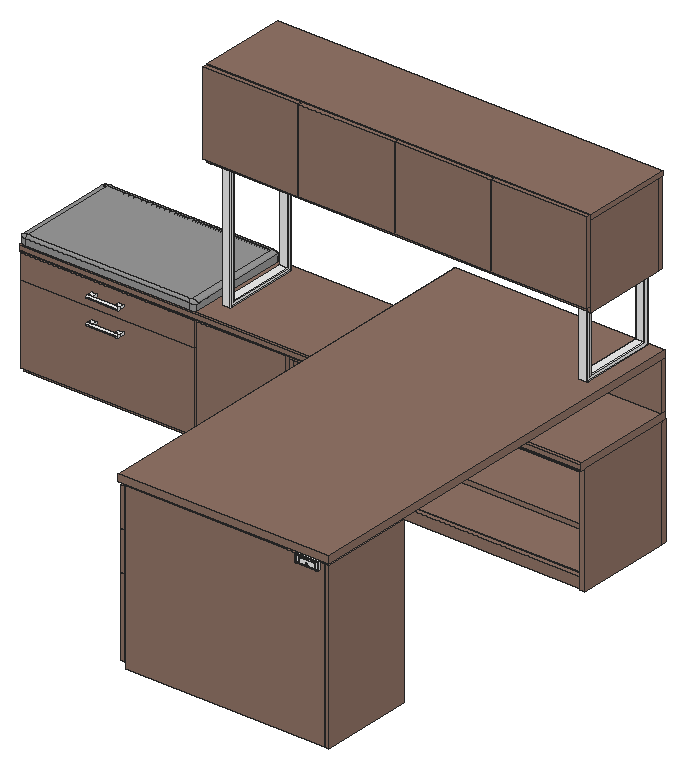
Revit family "VV010family", category Furniture, Revit 2015
Parameters
  Series = "Vision Veneer"
  Manufacturer = "JSI"
  Description = "VV010"
Reference planes (in)
  plane 1 "Center Front/Back": y = 0
  plane 2: z = 0
  plane 3 "Center Left/Right": x = 0
Dimensions and locks (in)
  aligned and locked: level to plane 2
Nested families (in)
  nested 1: "JSI-Vision-Rectangle_Desk_Top" at (0.2846688, 0, -1.7178952) x (0, -1, 0) z (0, 0, 1), type "VV3672MCT, Laminate Rectangular Desk Top, 36" x 72""
    with Depth 3' - 0"
  nested 2: "JSI-Vision_Bench_Height_T_Sup" at (0.7046334, -10.75, 19.9502726), type "VVB1036TSP, Veneer 36  Bench Height T Supports"
    with Width 2' - 11 5/8"
  nested 3: "JSI-Vision-Modular_BBF_Pedestal" at (0.5, -55.8238278, 0) x (0, -1, 0) z (0, 0, 1), type "VV1636MBBF, Veneer Modular BBF Ped"
    with Ped Depth 3' - 0"
  nested 4: "JSI-Vision-Bench_H_Modular_Top" at (-95.7006103, 0, -0.7372274), type "VVB1896MT, Veneer Mod Bench H Top, 18" x 96""
    with Width 8' - 0", Depth 1' - 6"
  nested 5: "JSI-Vision-Sld_Door_Modular_Bench_Ped" at (-65.6912511, 0, 0), type "VVB1830MSD, Veneer Sld Door Modular Bench H Ped"
  nested 6: "JSI-Vision-Open_Shelf_Modular_Bench_Ped" at (-35.6668034, 0, 0), type "VVB1836MOS, Veneer OS Modular Bench H Ped"
    with Width 3' - 0"
  nested 7: "JSI-Vision-BF_Modular_Bench_Ped" at (-95.7006103, 0, 0), type "VVB1830MBF, Veneer BF Modular Bench H Ped"
    with Width 2' - 6"
  nested 8: "JSI-Vision-Bench_H_Cushion" at (-95.7006103, 0, 0.525012), type "VS1830CUSH, 18d Bench H Cushion, 30 W"
    with Width 2' - 6", Depth 1' - 6"
  nested 9: "JSI-Vision-OH_Cab-Split_H_Post" at (0, 0, -10.0202438) x (-1, 0, 0) z (0, 0, 1), type "VV1666PSHD-2737, Veneer Split Height Post Support Overhead Cab. 16" x 66", 4 Doors"
    with Width 5' - 6", Verticall Partition Distance 2' - 9", Unit Centre 2' - 9", Door Width 1' - 4 5/16", Door Array Spacing 1' - 4 7/16"
Definition of nested family "JSI-Vision-Rectangle_Desk_Top"
  Parameters (values of type "VL3072MCT, Laminate Rectangular Desk Top, 30" x 72"")
    Worksurface = none
    Width = 6' - 0"
    URL = "www.jsifurniture.com"
    Type Comments = ""
    Series = "VISION CASEGOODS"  # constant formula
    Model = "VL3072MCT"
    Material = ""
    Manufacturer = "JSI"  # constant formula
    Keynote = "12500"
    JSI Enviromental Website = "http://www.jsifurniture.com/jsi_sustainability_intro.php"
    Height = 2' - 6"
    Description = "Laminate Modular Rectangular Desk Top, 30\" x 72\""
    Depth = 2' - 6"
    Assembly Code = "E2020200"
  Reference planes (in)
    plane 1 "Center Front/Back": y = 0
    plane 2: z = 0
    plane 3 "Center Left/Right": x = 0
    plane 4: z = 0
    plane 5: x = 72
    plane 6: y = -30
    plane 7: z = 31.1875
    plane 8: z = 30
  Forms (in)
    Extrusion 1, solid, material <- "Worksurface"
      sketch origin (0, 0, 28) x (0, 1, 0) y (0, 0, 1)
        loop
          line (-29.8818899, 2) -> (0, 2) -> (0, 3.1875) -> (-29.8818897, 3.1875)
          arc (-29.8818897, 3.1875) -> (-29.9654063, 3.1529063) -> (-30, 3.0693897) r 0.1181103
          line (-30, 3.0693897) -> (-30, 2.1181101)
          arc (-30, 2.1181101) -> (-29.9654064, 2.0345936) -> (-29.8818899, 2) r 0.1181101
      from 0 to 72
  Lines and regions (in)
    symbolic lines
      curve 1: line (0, 0, 0) -> (72, 0, 0)
      curve 2: line (0, -30, 0) -> (0, 0, 0)
      curve 3: line (72, -30, 0) -> (0, -30, 0)
      curve 4: line (72, 0, 0) -> (72, -30, 0)
  Dimensions and locks (in)
    "Depth": plane 6 to plane 1 "Center Front/Back"
    "Width": plane 5 to plane 3 "Center Left/Right"
    locked: plane 7 to plane 8 at 1.1875
    "Height": plane 8 to level
    aligned and locked: level to plane 2
    aligned and locked: plane 5 to Extrusion 1
    aligned and locked: curve 1 to Extrusion 1
    aligned and locked: curve 2 to Extrusion 1
    aligned and locked: curve 3 to plane 6
    aligned and locked: curve 4 to plane 5
    aligned and locked: Extrusion 1 to plane 8
    aligned and locked: Extrusion 1 to plane 7
  Automatic sketch dimensions
    Extrusion 1 sketch curve to plane 6 = 0' - 0"
    level to Extrusion 1 sketch curve = 2' - 6"
    Extrusion 1 sketch curve to plane 7 = 0' - 0"
    Extrusion 1 sketch curve to plane 1 "Center Front/Back" = 0' - 0"
    Extrusion 1 sketch curve to Extrusion 1 sketch curve = 0' - 0.11811"
    plane 6 to Extrusion 1 sketch curve = 0' - 0.11811"
Definition of nested family "JSI-Vision_Bench_Height_T_Sup"
  Parameters (values of type "Bench Height T Support - Type Catalog Family")
    Chassis = none
    Width = 1' - 11 5/8"
    URL = "www.jsifurniture.com"
    Type Comments = ""
    Series = "VISION CASEGOODS"  # constant formula
    Model = "VLB1024TSP"
    Material = ""
    Manufacturer = "JSI"  # constant formula
    Keynote = "12500"
    JSI Enviromental Website = "http://www.jsifurniture.com/jsi_sustainability_intro.php"
    Height = 0' - 8 5/16"
    Grommet Finish = none
    Description = "Bench Height \"T\" Supports, Depth 9 3/4\"”, Width 23 5/8\"”,Height 8 5/16\"”, Laminate Worksurface"
    Depth = 0' - 9 3/4"
    Assembly Code = "E2020200"
  Reference planes (in)
    plane 1: z = 0
    plane 2 "Center (Left/Right)": x = -36.0641344
    plane 3: z = 8.3125
    plane 4: y = 1
    plane 5 "Center (Front/Back)": y = 10.75
    plane 6: x = -24.2516344
    plane 7: x = -12.4391344
    plane 8: z = 6.9211195
    plane 9: y = 10
    plane 10: y = 8
    plane 11: z = 6.875
    plane 12: x = -23.8766344
    plane 13: x = -24.6266344
  Forms (in)
    Extrusion 1, solid, material <- "Chassis"
      sketch origin (0, 10.75, 0) x (1, 0, 0) y (0, 0, 1)
        loop
          line (-36.0641344, 8.3125) -> (-36.0641344, 0) -> (-12.4391344, 0) -> (-12.4391344, 8.3125) -> (-22.2719669, 8.3125) -> (-22.2719669, 7.1711195)
          arc (-22.2719669, 7.1711195) -> (-22.3451902, 6.9943428) -> (-22.5219669, 6.9211195) r 0.25
          line (-22.5219669, 6.9211195) -> (-25.981302, 6.9211195)
          arc (-25.981302, 6.9211195) -> (-26.1580787, 6.9943428) -> (-26.231302, 7.1711195) r 0.25
          line (-26.231302, 7.1711195) -> (-26.231302, 8.3125) -> (-36.0641344, 8.3125)
      from 0 to 0.75
    Extrusion 2, solid, material <- "Chassis"
      sketch origin (-36.0641344, 0, 0) x (0, 1, 0) y (0, 0, 1)
        loop
          line (10, 6.875) -> (8.25, 6.875)
          arc (8.25, 6.875) -> (8.0732233, 6.9482233) -> (8, 7.125) r 0.25
          line (8, 7.125) -> (8, 8.3125) -> (1, 8.3125) -> (1, 0) -> (10, 0) -> (10, 6.875)
      from 11.4375 to 12.1875
  Lines and regions (in)
    symbolic lines
      curve 1: line (-12.4391344, 10.75, 0) -> (-36.0641344, 10.75, 0)
      curve 2: line (-36.0641344, 10.75, 0) -> (-36.0641344, 10, 0)
      curve 3: line (-36.0641344, 10, 0) -> (-12.4391344, 10, 0)
      curve 4: line (-12.4391344, 10, 0) -> (-12.4391344, 10.75, 0)
      curve 5: line (-24.6266344, 10, 0) -> (-24.6266344, 1, 0)
      curve 6: line (-23.8766344, 1, 0) -> (-23.8766344, 10, 0)
      curve 7: line (-24.6266344, 1, 0) -> (-23.8766344, 1, 0)
  Dimensions and locks (in)
    "Height": plane 3 to level
    "Depth": plane 5 "Center (Front/Back)" to plane 4
    equal spacing: plane 2 "Center (Left/Right)", plane 6, plane 7
    "Width": plane 2 "Center (Left/Right)" to plane 7
    locked: plane 3 to plane 8 at 1.3913805
    locked: plane 5 "Center (Front/Back)" to plane 9 at 0.75
    locked: plane 3 to plane 11 at 1.4375
    locked: plane 5 "Center (Front/Back)" to plane 10 at 2.75
    plane 12 to plane 6 to plane 13 = 0' - 0 3/8" locked, 0' - 0 3/8" locked
    Extrusion 1 sketch curve to plane 6 to Extrusion 1 sketch curve = 0' - 1.97967" locked, 0' - 1.97967" locked
    locked: nested 1 to plane 6 at 1.8900002
    aligned and locked: level to plane 1
    aligned and locked: plane 8 to Extrusion 1 sketch curve
    aligned and locked: plane 3 to Extrusion 1 sketch curve
    aligned and locked: Extrusion 1 sketch curve to plane 3
    aligned and locked: Extrusion 1 sketch curve to plane 2 "Center (Left/Right)"
    aligned and locked: Extrusion 1 sketch curve to plane 7
    aligned and locked: Extrusion 1 sketch curve to level
    aligned and locked: Extrusion 1 to plane 9
    aligned and locked: Extrusion 1 to plane 5 "Center (Front/Back)"
    aligned and locked: Extrusion 2 sketch curve to plane 9
    aligned and locked: Extrusion 2 sketch curve to plane 3
    aligned and locked: plane 4 to Extrusion 2 sketch curve
    aligned and locked: level to Extrusion 2 sketch curve
    aligned and locked: Extrusion 2 sketch curve to plane 10
    aligned and locked: Extrusion 2 sketch curve to plane 11
    aligned and locked: plane 12 to Extrusion 2
    aligned and locked: Extrusion 2 to plane 13
    aligned and locked: curve 1 to Extrusion 1
    aligned and locked: curve 2 to Extrusion 1
    aligned and locked: curve 3 to Extrusion 1
    aligned and locked: curve 4 to Extrusion 1
    aligned and locked: curve 5 to Extrusion 2
    aligned and locked: curve 6 to Extrusion 2
    aligned and locked: curve 7 to Extrusion 2
    aligned and locked: plane 3 to nested 1
  Automatic sketch dimensions
    Extrusion 2 sketch curve to Extrusion 2 sketch curve = 0' - 0 1/4"
    Extrusion 1 sketch curve to Extrusion 1 sketch curve = 0' - 0 1/4"  (x2)
    curve 1 to plane 2 "Center (Left/Right)" = 0' - 0"
    plane 5 "Center (Front/Back)" to curve 1 = 0' - 0"
    curve 1 to plane 7 = 0' - 0"
    curve 2 to plane 9 = 0' - 0"
    curve 5 to plane 13 = 0' - 0"
    curve 6 to plane 4 = 0' - 0"
    curve 6 to plane 12 = 0' - 0"
  Nested families (in)
    nested 1: "Side Grommet" at (-24.2516344, 10.7500008, 6.9036998) x (0, -1, 0) z (0, 0, 1), Gromett Finish <- "Grommet Finish", type "Side Grommet"
      with Gromett Finish none
  Definition of nested family "Side Grommet"
    Parameters
      Gromett Finish [instance] = none
    Reference planes (in)
      plane 1 "Center Front/Back": y = 0
      plane 2: z = 0
      plane 3 "Center Left/Right": x = 0
      plane 4: x = -0.0499992
      plane 5: x = 0.8125
    Forms (in)
      Sweep 1, solid, material <- "Gromett Finish"
        path origin (0, 0, 0) x (0, 1, 0) y (0, 0, 1)
          loop
            line (2.0937501, 1.4088002) -> (2.0937501, 0.2762508)
            arc (2.0937501, 0.2762508) -> (1.9853793, 0.0146207) -> (1.7237492, -0.09375) r 0.3700008
            line (1.7237492, -0.09375) -> (-1.7237501, -0.09375)
            arc (-1.7237501, -0.09375) -> (-1.9853796, 0.0146205) -> (-2.0937501, 0.27625) r 0.37
            line (-2.0937501, 0.27625) -> (-2.0937501, 1.4088002)
        profile origin (0, 2.0937501, 0.8425255) x (1, 0, 0) y (0, 1, 0)
          loop
            arc (0, 0) -> (-0.0352472, -0.0135301) -> (-0.0499992, -0.0482837) r 0.0483131
            line (-0.0499992, -0.0482837) -> (-0.0499992, -0.2037499) -> (0, -0.2037499) -> (0, 0)
      Extrusion 2, solid, material <- "Gromett Finish"
        sketch origin (0, 0, 0) x (0, 1, 0) y (0, 0, 1)
          loop
            line (1.8743999, 1.2994499) -> (-1.87435, 1.2994499) -> (-1.87435, 0.3095608)
            arc (-1.87435, 0.3095608) -> (-1.8194325, 0.1769783) -> (-1.68685, 0.1220608) r 0.1875
            line (-1.68685, 0.1220608) -> (-1.37435, 0.1220608) -> (-1.37435, 0.8720055)
            arc (-1.37435, 0.8720055) -> (-1.3377384, 0.9603938) -> (-1.2493501, 0.9970054) r 0.125
            line (-1.2493501, 0.9970054) -> (1.2493999, 0.9970054)
            arc (1.2493999, 0.9970054) -> (1.3377883, 0.9603938) -> (1.3743999, 0.8720054) r 0.1250001
            line (1.3743999, 0.8720054) -> (1.3743999, 0.1220608) -> (1.6868999, 0.1220608)
            arc (1.6868999, 0.1220608) -> (1.8194824, 0.1769783) -> (1.8743999, 0.3095608) r 0.1875
            line (1.8743999, 0.3095608) -> (1.8743999, 1.2994499)
          loop
            line (1.3504, 0.1220608) -> (1.3504, 0.8720608)
            arc (1.3504, 0.8720608) -> (1.3208178, 0.9434785) -> (1.2494001, 0.9730606) r 0.1009998
            line (1.2494001, 0.9730606) -> (-1.2493501, 0.9730606)
            arc (-1.2493501, 0.9730606) -> (-1.3207677, 0.9434785) -> (-1.3503499, 0.8720608) r 0.1009998
            line (-1.3503499, 0.8720608) -> (-1.3503499, 0.1220608) -> (-0.2499752, 0.1220608) -> (-0.2499752, 0.3720608)
            arc (-0.2499752, 0.3720608) -> (0.0000249, 0.6220609) -> (0.250025, 0.3720608) r 0.2500001
            line (0.250025, 0.3720608) -> (0.250025, 0.1220608) -> (1.3504, 0.1220608)
        from -0.0499992 to 0
      Extrusion 3, solid, material <- "Gromett Finish"
        sketch origin (0, 0, 0) x (0, 1, 0) y (0, 0, 1)
          loop
            line (-1.8900002, 1.4088002) -> (-1.8900002, 1.3150502) -> (1.8900002, 1.3150502) -> (1.8900002, 1.4088002) -> (-1.8900002, 1.4088002)
        from -0.0499992 to 0.8125
    Dimensions and locks (in)
      aligned and locked: level to plane 2
      aligned and locked: plane 4 to Sweep 1
      aligned and locked: plane 4 to Extrusion 2
      aligned and locked: plane 3 "Center Left/Right" to Extrusion 2
      aligned and locked: Sweep 1 to Extrusion 3 sketch curve
      aligned and locked: Extrusion 3 sketch curve to Sweep 1
      aligned and locked: plane 4 to Extrusion 3
      aligned and locked: Extrusion 3 to plane 5
Definition of nested family "JSI-Vision-Modular_BBF_Pedestal"
  Parameters (values of type "Modular BBF Ped - Type Catalog Family")
    URL = "www.jsifurniture.com"
    Tag = "BBF"
    Series = "VISION CASEGOODS"  # constant formula
    Pull Finish = none
    Ped Width = 1' - 4"
    Ped Height = 2' - 4"
    Model = "VL1620MBBF"
    Manufacturer = "JSI"  # constant formula
    Keynote = "12500"
    JSI Enviromental website = "http://www.jsifurniture.com/jsi_sustainability_intro.php"
    Description = "Laminate Modular BBF Pedestal 16\"W x 20\"D"
    Chassis = none
    Ped Depth = 1' - 8"
    Grommet Finish = none
    Drawer Front = none
    Assembly Code = "E2020200"
  Reference planes (in)
    plane 1 "Center Front/Back": y = 0
    plane 2: z = 0
    plane 3 "Center Left/Right": x = 0
    plane 4: x = 0.125
    plane 5: x = 16.125
    plane 6: x = 16.2499995
    plane 7: y = -18.9795004
    plane 8: y = -0.1875
    plane 9: y = -19.109501
    plane 10: x = 0.1871643
    plane 11: x = 16.0624347
    plane 12: y = -19.859501
    plane 13: z = 1.0403165
    plane 14: z = 14.4153166
    plane 15: z = 14.5159259
    plane 16: z = 27.8909264
    plane 17: z = 28
    plane 18: x = 0.875
    plane 19: x = 15.3759985
    plane 20: y = -0.9375
    plane 21: y = -18.238634
    plane 22: z = 12.4153171
    plane 23: z = 25.8909268
    plane 24: z = 26.5625019
    plane 25: y = -3.9375001
    plane 26: x = 8.1249998
    plane 27: y = -20
    plane 28: y = -9.8026575
    plane 29: y = -14.8026575
    plane 30: z = 27.1875
    plane 31: z = 21.2659261
    plane 32: z = 21.1409261
    plane 33: z = 19.1409261
  Forms (in)
    Extrusion 1, solid, material <- "Chassis"
      sketch origin (0, 0, 0) x (1, 0, 0) y (0, 1, 0)
        loop
          line (0.125, -0.1875) -> (0.125, -0.9375) -> (16.125, -0.9375) -> (16.125, -0.1875) -> (0.125, -0.1875)
      from 0 to 28
    Extrusion 2, solid, material <- "Chassis"
      sketch origin (0.125, -0.1875, 48) x (0, 1, 0) y (0, 0, 1)
        loop
          line (-0.75, -20) -> (-1.7499999, -20) -> (-1.7499999, -21.187498)
          arc (-1.7499999, -21.187498) -> (-1.8232233, -21.3642748) -> (-2.0000001, -21.4374981) r 0.2500001
          line (-2.0000001, -21.4374981) -> (-5.5000008, -21.4374981)
          arc (-5.5000008, -21.4374981) -> (-5.6767769, -21.3642751) -> (-5.7499999, -21.187499) r 0.249999
          line (-5.7499999, -21.187499) -> (-5.7499999, -20) -> (-18.7920004, -20) -> (-18.7920004, -48) -> (-0.75, -48) -> (-0.75, -20)
      from 0 to 0.75
    Extrusion 3, solid, material <- "Chassis"
      sketch origin (16.125, -0.1875, 48) x (0, 1, 0) y (0, 0, 1)
        loop
          line (-0.75, -20) -> (-1.7499999, -20) -> (-1.7499999, -21.187498)
          arc (-1.7499999, -21.187498) -> (-1.8232233, -21.3642748) -> (-2.0000001, -21.4374981) r 0.2500001
          line (-2.0000001, -21.4374981) -> (-5.5000008, -21.4374981)
          arc (-5.5000008, -21.4374981) -> (-5.6767769, -21.3642751) -> (-5.7499999, -21.187499) r 0.249999
          line (-5.7499999, -21.187499) -> (-5.7499999, -20) -> (-18.7920004, -20) -> (-18.7920004, -48) -> (-0.75, -48) -> (-0.75, -20)
      from -0.7490015 to 0
    Extrusion 4, solid, material <- "Drawer Front"
      sketch origin (0, 0, 0) x (1, 0, 0) y (0, 0, 1)
        loop
          line (0.1871643, 27.8909264) -> (0.1871643, 21.2659261) -> (16.0624347, 21.2659261) -> (16.0624347, 27.8909264) -> (0.1871643, 27.8909264)
        loop
          line (16.0624347, 14.5159259) -> (16.0624347, 21.1409261) -> (0.1871643, 21.1409261) -> (0.1871643, 14.5159259) -> (16.0624347, 14.5159259)
        loop
          line (0.1871643, 14.4153166) -> (0.1871643, 1.0403165) -> (16.0624347, 1.0403165) -> (16.0624347, 14.4153166) -> (0.1871643, 14.4153166)
      from 19.109501 to 19.859501
    Extrusion 5, solid, material <- "Chassis"
      sketch origin (0, 0, 0) x (1, 0, 0) y (0, 1, 0)
        loop
          line (0.875, -18.238634) -> (0.875, -18.9795004) -> (15.3759985, -18.9795004) -> (15.3759985, -18.238634) -> (0.875, -18.238634)
      from 0 to 1.9374999
    Extrusion 6, solid, material <- "Chassis"
      sketch origin (0, 0, 0) x (0, 1, 0) y (0, 0, 1)
        loop
          line (-9.8026575, 27.1875) -> (-9.8026575, 27.8909264) -> (-14.8026575, 27.8909264) -> (-14.8026575, 27.1875) -> (-9.8026575, 27.1875)
      from 0.875 to 15.3759985
  Lines and regions (in)
    symbolic lines
      curve 1: line (0.125, -0.1875, 0) -> (16.125, -0.1875, 0)
      curve 2: line (0.125, -18.9795004, 0) -> (0.125, -0.1875, 0)
      curve 3: line (16.125, -0.1875, 0) -> (16.125, -18.9795004, 0)
      curve 4: line (0.1871643, -19.109501, 0) -> (16.0624347, -19.109501, 0)
      curve 5: line (0.1871643, -19.859501, 0) -> (0.1871643, -19.109501, 0)
      curve 6: line (16.0624347, -19.859501, 0) -> (0.1871643, -19.859501, 0)
      curve 7: line (16.0624347, -19.109501, 0) -> (16.0624347, -19.859501, 0)
      curve 8: line (0.125, -0.9375, 0) -> (16.125, -0.9375, 0)
      curve 9: line (0.875, -0.9375, 0) -> (0.875, -18.9795004, 0)
      curve 10: line (0.125, -18.9795004, 0) -> (0.875, -18.9795004, 0)
      curve 11: line (15.3759985, -0.9375, 0) -> (15.3759985, -18.9795004, 0)
      curve 12: line (15.3759985, -18.9795004, 0) -> (16.125, -18.9795004, 0)
  Dimensions and locks (in)
    plane 3 "Center Left/Right" to plane 4 = 0' - 0 1/8"
    locked: plane 5 to plane 6 at 0.1249995
    "Ped Width": plane 4 to plane 5
    locked: plane 1 "Center Front/Back" to plane 8 at 0.1875
    "Ped Height": plane 17 to level
    plane 17 to plane 16 to plane 15 to plane 14 to plane 13 = 0' - 0.10907" locked, 1' - 1 3/8" locked, 0' - 0.10061" locked, 1' - 1 3/8" locked
    locked: plane 8 to plane 20 at 0.75
    plane 21 to plane 7 to plane 9 to plane 12 = 0' - 0.74087" locked, 0' - 0.13" locked, 0' - 0 3/4" locked
    locked: Extrusion 2 sketch curve to Extrusion 2 sketch curve at 3.9999999
    locked: plane 17 to Extrusion 2 sketch curve at 1.4374981
    locked: Extrusion 3 sketch curve to Extrusion 3 sketch curve at 3.9999999
    locked: plane 17 to Extrusion 2 at 1.4374981
    plane 4 to plane 10 to plane 18 = 0' - 0.06216" locked, 0' - 0.68784" locked
    plane 19 to plane 11 to plane 5 = 0' - 0.68644" locked, 0' - 0.06257" locked
    locked: plane 16 to plane 23 at 1.9999995
    locked: plane 14 to plane 22 at 1.9999995
    locked: plane 17 to plane 24 at 1.4374981
    locked: plane 1 "Center Front/Back" to plane 25 at 3.9375001
    plane 3 "Center Left/Right" to plane 26 to plane 6 = 0' - 8 1/8", 0' - 8 1/8"
    "Ped Depth": plane 27 to plane 1 "Center Front/Back"
    locked: plane 12 to plane 27 at 0.140499
    plane 28 to plane 29 to plane 27 = 0' - 5" locked, 0' - 5.19734" locked
    plane 31 to plane 32 to plane 33 to plane 15 = 0' - 0 1/8" locked, 0' - 2" locked, 0' - 4 5/8" locked
    aligned and locked: level to plane 2
    aligned and locked: Extrusion 1 sketch curve to plane 8
    aligned and locked: plane 4 to Extrusion 1 sketch curve
    aligned and locked: plane 20 to Extrusion 1 sketch curve
    aligned and locked: Extrusion 1 sketch curve to plane 5
    aligned and locked: plane 17 to Extrusion 1
    aligned and locked: plane 20 to Extrusion 2 sketch curve
    aligned and locked: Extrusion 2 sketch curve to plane 7
    aligned and locked: Extrusion 2 sketch curve to level
    aligned and locked: Extrusion 2 to plane 4
    aligned and locked: plane 18 to Extrusion 2
    aligned and locked: Extrusion 3 sketch curve to plane 17
    aligned and locked: Extrusion 3 sketch curve to plane 20
    aligned and locked: level to Extrusion 3 sketch curve
    aligned and locked: plane 7 to Extrusion 3 sketch curve
    aligned and locked: Extrusion 3 to plane 19
    aligned and locked: plane 5 to Extrusion 3
    aligned and locked: Extrusion 4 sketch curve to plane 16
    aligned and locked: Extrusion 4 sketch curve to plane 10  (x2)
    aligned and locked: plane 11 to Extrusion 4 sketch curve  (x2)
    aligned and locked: plane 15 to Extrusion 4 sketch curve
    aligned and locked: Extrusion 4 sketch curve to plane 14
    aligned and locked: plane 13 to Extrusion 4 sketch curve
    aligned and locked: Extrusion 4 to plane 12
    aligned and locked: plane 9 to Extrusion 4
    aligned and locked: Extrusion 5 sketch curve to plane 21
    aligned and locked: plane 18 to Extrusion 5 sketch curve
    aligned and locked: Extrusion 5 sketch curve to Extrusion 3
    aligned and locked: Extrusion 3 to Extrusion 5 sketch curve
    aligned and locked: plane 22 to nested 1
    aligned and locked: nested 1 to plane 12
    aligned and locked: nested 2 to plane 12
    aligned and locked: plane 23 to nested 2
    aligned and locked: nested 3 to plane 25
    aligned and locked: plane 24 to nested 3
    aligned and locked: plane 4 to nested 3
    aligned and locked: nested 4 to plane 24
    aligned and locked: plane 5 to nested 4
    aligned and locked: plane 25 to nested 4
    aligned and locked: plane 28 to Extrusion 6 sketch curve
    aligned and locked: Extrusion 6 sketch curve to plane 30
    aligned and locked: Extrusion 6 sketch curve to plane 29
    aligned and locked: plane 16 to Extrusion 6 sketch curve
    aligned and locked: Extrusion 6 to plane 18
    aligned and locked: plane 19 to Extrusion 6
    aligned and locked: nested 5 to plane 26
    aligned and locked: nested 5 to plane 27
    aligned and locked: nested 2 to plane 26
    aligned and locked: nested 1 to plane 26
    aligned and locked: Extrusion 4 sketch curve to Extrusion 4 sketch curve  (x2)
    aligned and locked: nested 6 to plane 26
    aligned and locked: plane 33 to nested 6
    aligned and locked: nested 6 to plane 12
  Automatic sketch dimensions
    curve 1 to plane 4 = 0' - 0"
    curve 4 to plane 9 = 0' - 0"
    curve 4 to plane 10 = 0' - 0"
    curve 9 to plane 18 = 0' - 0"
    curve 11 to plane 7 = 0' - 0"
    curve 11 to plane 19 = 0' - 0"
    curve 6 to plane 11 = 0' - 0"
    curve 3 to plane 5 = 0' - 0"
    curve 6 to plane 12 = 0' - 0"
    curve 2 to plane 7 = 0' - 0"
    curve 8 to plane 20 = 0' - 0"
    curve 2 to plane 8 = 0' - 0"
    Extrusion 2 sketch curve to plane 17 = 0' - 0"  (x2)
    Extrusion 2 sketch curve to plane 25 = 0' - 2"
    Extrusion 2 sketch curve to Extrusion 2 sketch curve = 0' - 0 1/4"
    plane 24 to Extrusion 2 sketch curve = 0' - 0 1/4"
    Extrusion 3 sketch curve to plane 24 = 0' - 0"
    Extrusion 3 sketch curve to plane 17 = 0' - 0"
    Extrusion 3 sketch curve to plane 25 = 0' - 2"
    Extrusion 3 sketch curve to Extrusion 3 sketch curve = 0' - 0 1/4"
    plane 24 to Extrusion 3 sketch curve = 0' - 0 1/4"
    Extrusion 4 sketch curve to plane 23 = 0' - 4 3/4"
    Extrusion 4 sketch curve to Extrusion 4 sketch curve = 0' - 0 1/8"
  Nested families (in)
    nested 1: "Bar Pull" at (8.1249998, -19.859501, 12.4153171), Pull Finish <- "Pull Finish", type "PL"
      with Pull Finish none
    nested 2: "Bar Pull" at (8.1249998, -19.859501, 25.8909268), Pull Finish <- "Pull Finish", type "PL"
      with Pull Finish none
    nested 3: "Side Grommet" at (0.125, -3.9375001, 26.5625019), Gromett Finish <- "Grommet Finish", type "Side Grommet"
      with Gromett Finish none
    nested 4: "Side Grommet" at (16.125, -3.9375001, 26.5625019) x (-1, 0, 0) z (0, 0, 1), Gromett Finish <- "Grommet Finish", type "Side Grommet"
      with Gromett Finish none
    nested 5: "Label 1-16" at (8.1249998, -20, 0), type "DRWCFG"
    nested 6: "Bar Pull" at (8.1249998, -19.859501, 19.1409261), Pull Finish <- "Pull Finish", type "PL"
      with Pull Finish none
  Definition of nested family "Bar Pull"
    Parameters
      Pull Finish [instance] = none
    Reference planes (in)
      plane 1 "Center Front/Back": y = 0
      plane 2: z = 0
      plane 3 "Center Left/Right": x = 0
      plane 4: x = -2.6873071
      plane 5: x = -1.8873079
      plane 6: x = 2.6873071
      plane 7: x = 1.8873079
      plane 8: y = -1
      plane 9: y = -0.8520212
    Forms (in)
      Extrusion 1, solid, material <- "Pull Finish"
        sketch origin (0, 0, 0) x (0, 1, 0) y (0, 0, 1)
          loop
            line (0, -0.2014997) -> (0, 0.2014997) -> (-0.8520212, 0.2014997)
            arc (-0.8520212, 0.2014997) -> (-0.75, 0) -> (-0.8520212, -0.2014997) r 0.2499992
            line (-0.8520212, -0.2014997) -> (0, -0.2014997)
        from 1.8873079 to 2.6873071
      Extrusion 2, solid, material <- "Pull Finish"
        sketch origin (0, 0, 0) x (0, 1, 0) y (0, 0, 1)
          loop
            circle (-1, 0) r 0.25
        from -2.6873071 to 2.6873071
      Extrusion 3, solid, material <- "Pull Finish"
        sketch origin (0, 0, 0) x (0, 1, 0) y (0, 0, -1)
          loop
            line (0, 0.2014997) -> (-0.8520212, 0.2014997)
            arc (-0.8520212, 0.2014997) -> (-0.75, 0) -> (-0.8520212, -0.2014997) r 0.2499992
            line (-0.8520212, -0.2014997) -> (0, -0.2014997) -> (0, 0.2014997)
        from 1.8873079 to 2.6873071
    Dimensions and locks (in)
      plane 4 to plane 5 to plane 3 "Center Left/Right" to plane 7 to plane 6 = 0' - 0.8" locked, 0' - 1.88731" locked, 0' - 1.88731" locked, 0' - 0.8" locked
      plane 8 to plane 9 to plane 1 "Center Front/Back" = 0' - 0.14798" locked, 0' - 0.85202" locked
      aligned and locked: level to plane 2
      aligned and locked: plane 4 to Extrusion 3
      aligned and locked: Extrusion 3 to plane 5
      aligned and locked: plane 4 to Extrusion 2
      aligned and locked: Extrusion 1 to plane 7
      aligned and locked: plane 6 to Extrusion 1
      aligned and locked: plane 6 to Extrusion 2
      aligned and locked: plane 8 to Extrusion 2 sketch curve
      aligned and locked: Extrusion 3 to plane 1 "Center Front/Back"
      aligned and locked: Extrusion 1 to plane 1 "Center Front/Back"
      aligned and locked: plane 5 to Extrusion 3
      aligned and locked: Extrusion 3 to plane 4
      aligned and locked: Extrusion 2 to plane 4
      aligned and locked: plane 7 to Extrusion 1
      aligned and locked: Extrusion 1 to plane 6
      aligned and locked: Extrusion 2 to plane 6
  Definition of nested family "Side Grommet"
    Parameters
      Gromett Finish [instance] = none
    Reference planes (in)
      plane 1 "Center Front/Back": y = 0
      plane 2: z = 0
      plane 3 "Center Left/Right": x = 0
      plane 4: x = -0.0499992
      plane 5: x = 0.8125
    Forms (in)
      Sweep 1, solid, material <- "Gromett Finish"
        path origin (0, 0, 0) x (0, 1, 0) y (0, 0, 1)
          loop
            line (2.0937501, 1.4088002) -> (2.0937501, 0.2762508)
            arc (2.0937501, 0.2762508) -> (1.9853793, 0.0146207) -> (1.7237492, -0.09375) r 0.3700008
            line (1.7237492, -0.09375) -> (-1.7237501, -0.09375)
            arc (-1.7237501, -0.09375) -> (-1.9853796, 0.0146205) -> (-2.0937501, 0.27625) r 0.37
            line (-2.0937501, 0.27625) -> (-2.0937501, 1.4088002)
        profile origin (0, 2.0937501, 0.8425255) x (1, 0, 0) y (0, 1, 0)
          loop
            arc (0, 0) -> (-0.0352472, -0.0135301) -> (-0.0499992, -0.0482837) r 0.0483131
            line (-0.0499992, -0.0482837) -> (-0.0499992, -0.2037499) -> (0, -0.2037499) -> (0, 0)
      Extrusion 2, solid, material <- "Gromett Finish"
        sketch origin (0, 0, 0) x (0, 1, 0) y (0, 0, 1)
          loop
            line (1.8743999, 1.2994499) -> (-1.87435, 1.2994499) -> (-1.87435, 0.3095608)
            arc (-1.87435, 0.3095608) -> (-1.8194325, 0.1769783) -> (-1.68685, 0.1220608) r 0.1875
            line (-1.68685, 0.1220608) -> (-1.37435, 0.1220608) -> (-1.37435, 0.8720055)
            arc (-1.37435, 0.8720055) -> (-1.3377384, 0.9603938) -> (-1.2493501, 0.9970054) r 0.125
            line (-1.2493501, 0.9970054) -> (1.2493999, 0.9970054)
            arc (1.2493999, 0.9970054) -> (1.3377883, 0.9603938) -> (1.3743999, 0.8720054) r 0.1250001
            line (1.3743999, 0.8720054) -> (1.3743999, 0.1220608) -> (1.6868999, 0.1220608)
            arc (1.6868999, 0.1220608) -> (1.8194824, 0.1769783) -> (1.8743999, 0.3095608) r 0.1875
            line (1.8743999, 0.3095608) -> (1.8743999, 1.2994499)
          loop
            line (1.3504, 0.1220608) -> (1.3504, 0.8720608)
            arc (1.3504, 0.8720608) -> (1.3208178, 0.9434785) -> (1.2494001, 0.9730606) r 0.1009998
            line (1.2494001, 0.9730606) -> (-1.2493501, 0.9730606)
            arc (-1.2493501, 0.9730606) -> (-1.3207677, 0.9434785) -> (-1.3503499, 0.8720608) r 0.1009998
            line (-1.3503499, 0.8720608) -> (-1.3503499, 0.1220608) -> (-0.2499752, 0.1220608) -> (-0.2499752, 0.3720608)
            arc (-0.2499752, 0.3720608) -> (0.0000249, 0.6220609) -> (0.250025, 0.3720608) r 0.2500001
            line (0.250025, 0.3720608) -> (0.250025, 0.1220608) -> (1.3504, 0.1220608)
        from -0.0499992 to 0
      Extrusion 3, solid, material <- "Gromett Finish"
        sketch origin (0, 0, 0) x (0, 1, 0) y (0, 0, 1)
          loop
            line (-1.8900002, 1.4088002) -> (-1.8900002, 1.3150502) -> (1.8900002, 1.3150502) -> (1.8900002, 1.4088002) -> (-1.8900002, 1.4088002)
        from -0.0499992 to 0.8125
    Dimensions and locks (in)
      aligned and locked: level to plane 2
      aligned and locked: plane 4 to Sweep 1
      aligned and locked: plane 4 to Extrusion 2
      aligned and locked: plane 3 "Center Left/Right" to Extrusion 2
      aligned and locked: Sweep 1 to Extrusion 3 sketch curve
      aligned and locked: Extrusion 3 sketch curve to Sweep 1
      aligned and locked: plane 4 to Extrusion 3
      aligned and locked: Extrusion 3 to plane 5
  Definition of nested family "Label 1-16"
    Parameters
      Width = 0' - 1"
      Model Name = "2 Drw - 2 Drs"
    Reference planes (in)
      plane 1: y = 0
      plane 2: x = 0
    Text (in)
      label "XX" at (0.0005059, -0.1232411, 0), shows "Model Name"
Definition of nested family "JSI-Vision-Bench_H_Modular_Top"
  Parameters (values of type "Bench H Modular Top - Type Catalog Family")
    Worksurface = none
    Width = 3' - 6"
    URL = "www.jsifurniture.com"
    Type Comments = ""
    Series = "VISION CASEGOODS"  # constant formula
    Model = "VLB3042MT"
    Material = ""
    Manufacturer = "JSI"  # constant formula
    Keynote = "12500"
    JSI Enviromental Website = "http://www.jsifurniture.com/jsi_sustainability_intro.php"
    Height = 1' - 7 1/2"
    Description = "Laminate Modular Bench Height Top, 30\" x 42\""
    Depth = 2' - 6"
    Assembly Code = "E2020200"
  Reference planes (in)
    plane 1 "Center Front/Back": y = 0
    plane 2: z = 0
    plane 3 "Center Left/Right": x = 0
    plane 4: z = 0
    plane 5: x = 42
    plane 6: y = -30
    plane 7: z = 20.6875
    plane 8: z = 19.5
  Forms (in)
    Extrusion 1, solid, material <- "Worksurface"
      sketch origin (0, 0, 28) x (0, 1, 0) y (0, 0, 1)
        loop
          line (-29.8818899, -8.5) -> (0, -8.5) -> (0, -7.3125) -> (-29.8818897, -7.3125)
          arc (-29.8818897, -7.3125) -> (-29.9654063, -7.3470937) -> (-30, -7.4306103) r 0.1181103
          line (-30, -7.4306103) -> (-30, -8.3818899)
          arc (-30, -8.3818899) -> (-29.9654064, -8.4654064) -> (-29.8818899, -8.5) r 0.1181101
      from 0 to 42
  Lines and regions (in)
    symbolic lines
      curve 1: line (0, 0, 0) -> (42, 0, 0)
      curve 2: line (0, -30, 0) -> (0, 0, 0)
      curve 3: line (42, -30, 0) -> (0, -30, 0)
      curve 4: line (42, 0, 0) -> (42, -30, 0)
  Dimensions and locks (in)
    "Depth": plane 6 to plane 1 "Center Front/Back"
    "Width": plane 5 to plane 3 "Center Left/Right"
    locked: plane 7 to plane 8 at 1.1875
    "Height": plane 8 to level
    aligned and locked: level to plane 2
    aligned and locked: plane 5 to Extrusion 1
    aligned and locked: curve 1 to Extrusion 1
    aligned and locked: curve 2 to Extrusion 1
    aligned and locked: plane 6 to curve 3
    aligned and locked: curve 4 to plane 5
    aligned and locked: Extrusion 1 to plane 8
    aligned and locked: Extrusion 1 to plane 7
  Automatic sketch dimensions
    Extrusion 1 sketch curve to plane 6 = 0' - 0"
    level to Extrusion 1 sketch curve = 1' - 7 1/2"
    Extrusion 1 sketch curve to plane 7 = 0' - 0"
    Extrusion 1 sketch curve to plane 1 "Center Front/Back" = 0' - 0"
    Extrusion 1 sketch curve to Extrusion 1 sketch curve = 0' - 0.11811"
    plane 6 to Extrusion 1 sketch curve = 0' - 0.11811"
Definition of nested family "JSI-Vision-Sld_Door_Modular_Bench_Ped"
  Parameters (values of type "Sliding Door Modular Bench H Ped - Type Catalog Family")
    Width = 2' - 6"
    URL = "www.jsifurniture.com"
    Top = none
    Tag = "DOOR"
    Series = "VISION CASEGOODS"  # constant formula
    Model = "VLB1818MSD"
    Manufacturer = "JSI"  # constant formula
    Keynote = "12500"
    JSI Enviromental Website = "http://www.jsifurniture.com/jsi_sustainability_intro.php"
    Height = 1' - 6 3/4"
    Door Front = none
    Description = "Laminate Sliding Door Modular Bench Height Pedestal"
    Depth = 1' - 6"
    Chassis = none
    Assembly Code = "E2020200"
  Reference planes (in)
    plane 1 "Center Front/Back": y = 0
    plane 2: z = 0
    plane 3 "Center Left/Right": x = 0
    plane 4: x = 30
    plane 5: x = 0.1871643
    plane 6: x = 29.8124352
    plane 7: z = 10.332185
    plane 8: x = 0.75
    plane 9: x = 29.125999
    plane 10: y = -0.8125
    plane 11: y = -17.25
    plane 12: x = 15
    plane 13: z = 18.75
    plane 14: z = 18.6409016
    plane 15: z = 9.582185
    plane 16: z = 1.9374999
    plane 17: z = 1.1874999
    plane 18: y = -17
    plane 19: y = -18
    plane 20: x = 14.625
    plane 21: x = 15.375
    plane 22: y = -16.125
    plane 23: y = -15.1875
    plane 24: y = -15.9375
    plane 25: z = 1
    plane 26: z = 18
  Forms (in)
    Extrusion 1, solid, material <- "Chassis"
      sketch origin (0, 0, 0) x (1, 0, 0) y (0, 1, 0)
        loop
          line (0, 0) -> (0, -0.8125) -> (30, -0.8125) -> (30, 0) -> (0, 0)
      from 0 to 18.75
    Extrusion 2, solid, material <- "Chassis"
      sketch origin (0.125, -0.1875, 48) x (0, 1, 0) y (0, 0, 1)
        loop
          line (-0.625, -29.25) -> (-17.0625, -29.25) -> (-17.0625, -48) -> (-0.625, -48) -> (-0.625, -29.25)
      from -0.125 to 0.625
    Extrusion 3, solid, material <- "Chassis"
      sketch origin (29.875, -0.1875, 48) x (0, 1, 0) y (0, 0, 1)
        loop
          line (-0.625, -29.25) -> (-17.0625, -29.25) -> (-17.0625, -48) -> (-0.625, -48) -> (-0.625, -29.25)
      from -0.749001 to 0.125
    Extrusion 4, solid, material <- "Chassis"
      sketch origin (0, 0, 0) x (1, 0, 0) y (0, 1, 0)
        loop
          line (0.75, -15.1875) -> (0.75, -15.9375) -> (29.125999, -15.9375) -> (29.125999, -15.1875) -> (0.75, -15.1875)
      from 0 to 1.1874999
    Extrusion 5, solid, material <- "Chassis"
      sketch origin (0, 0, 0) x (0, 1, 0) y (0, 0, 1)
        loop
          line (-0.8125, 18) -> (-0.8125, 18.75) -> (-17.25, 18.75) -> (-17.25, 18) -> (-0.8125, 18)
        loop
          line (-0.8125, 1.1874999) -> (-0.8125, 1.9374999) -> (-17, 1.9374999) -> (-17, 1.1874999) -> (-0.8125, 1.1874999)
      from 0.75 to 29.125999
    Extrusion 6, solid, material <- "Door Front"
      sketch origin (0, 0, 0) x (0, 1, 0) y (0, 0, 1)
        loop
          line (-17.25, 1) -> (-17.25, 18.6409016) -> (-18, 18.6409016) -> (-18, 1) -> (-17.25, 1)
      from 0.1871643 to 15.375
    Extrusion 7, solid, material <- "Chassis"
      sketch origin (0, 0, 0) x (0, 1, 0) y (0, 0, 1)
        loop
          line (-0.8125, 9.582185) -> (-0.8125, 10.332185) -> (-15.75, 10.332185) -> (-15.75, 9.582185) -> (-0.8125, 9.582185)
      from 0.75 to 14.625
    Extrusion 8, solid, material <- "Chassis"
      sketch origin (0, 0, 0) x (0, 1, 0) y (0, 0, 1)
        loop
          line (-0.8125, 18) -> (-16.125, 18) -> (-16.125, 1.9374999) -> (-0.8125, 1.9374999) -> (-0.8125, 18)
      from 14.625 to 15.375
    Extrusion 9, solid, material <- "Chassis"
      sketch origin (30, 0, 0) x (0, 1, 0) y (0, 0, -1)
        loop
          line (-0.8125, -9.582185) -> (-15.75, -9.582185) -> (-15.75, -10.332185) -> (-0.8125, -10.332185) -> (-0.8125, -9.582185)
      from 0.874001 to 14.625
  Lines and regions (in)
    symbolic lines
      curve 1: line (0, 0, 0) -> (30, 0, 0)
      curve 2: line (0, -17.875, 0) -> (0, 0, 0)
      curve 3: line (30, -17.875, 0) -> (0, -17.875, 0)
      curve 4: line (30, 0, 0) -> (30, -17.875, 0)
  Dimensions and locks (in)
    plane 9 to plane 6 to plane 4 = 0' - 0.68644" locked, 0' - 0.18756" locked
    plane 3 "Center Left/Right" to plane 5 to plane 8 = 0' - 0.18716" locked, 0' - 0.56284" locked
    "Width": plane 3 "Center Left/Right" to plane 4
    equal spacing: plane 3 "Center Left/Right", plane 12, plane 4
    locked: plane 1 "Center Front/Back" to plane 10 at 0.8125
    plane 16 to plane 17 to level = 0' - 0 3/4" locked, 0' - 1 3/16" locked
    "Depth": plane 1 "Center Front/Back" to plane 19
    locked: plane 25 to level at 1
    locked: Extrusion 7 sketch curve to plane 22 at 0.375
    plane 20 to plane 12 to plane 21 = 0' - 0 3/8" locked, 0' - 0 3/8" locked
    plane 23 to plane 24 to plane 22 to plane 18 to plane 11 to plane 19 = 0' - 0 3/4" locked, 0' - 0 3/16" locked, 0' - 0 7/8" locked, 0' - 0 1/4" locked, 0' - 0 3/4" locked
    locked: plane 13 to plane 26 at 0.75
    locked: plane 14 to plane 13 at 0.1090984
    "Height": plane 13 to level
    aligned and locked: level to plane 2
    aligned and locked: plane 10 to Extrusion 1 sketch curve
    aligned and locked: plane 10 to Extrusion 2 sketch curve
    aligned and locked: Extrusion 2 sketch curve to level
    aligned and locked: Extrusion 3 sketch curve to plane 10
    aligned and locked: level to Extrusion 3 sketch curve
    aligned and locked: plane 8 to Extrusion 4 sketch curve
    aligned and locked: nested 1 to plane 12
    aligned and locked: plane 13 to Extrusion 1
    aligned and locked: Extrusion 1 to plane 1 "Center Front/Back"
    aligned and locked: plane 3 "Center Left/Right" to curve 2
    aligned and locked: Extrusion 1 to plane 3 "Center Left/Right"
    aligned and locked: plane 1 "Center Front/Back" to curve 1
    aligned and locked: plane 4 to Extrusion 1
    aligned and locked: curve 4 to plane 4
    aligned and locked: Extrusion 2 to plane 11
    aligned and locked: Extrusion 3 to plane 11
    aligned and locked: plane 10 to Extrusion 5 sketch curve  (x2)
    aligned and locked: plane 13 to Extrusion 5 sketch curve
    aligned and locked: Extrusion 5 sketch curve to plane 11
    aligned and locked: plane 16 to Extrusion 5 sketch curve
    aligned and locked: Extrusion 5 sketch curve to plane 17
    aligned and locked: Extrusion 3 to plane 9
    aligned and locked: plane 4 to Extrusion 3
    aligned and locked: nested 1 to plane 19
    aligned and locked: plane 17 to Extrusion 4
    aligned and locked: plane 23 to Extrusion 4
    aligned and locked: Extrusion 4 to plane 24
    aligned and locked: Extrusion 6 sketch curve to plane 14
    aligned and locked: plane 11 to Extrusion 6 sketch curve
    aligned and locked: Extrusion 6 sketch curve to plane 19
    aligned and locked: Extrusion 6 sketch curve to plane 25
    aligned and locked: plane 21 to Extrusion 6
    aligned and locked: plane 5 to Extrusion 6
    aligned and locked: Extrusion 5 to plane 18
    aligned and locked: plane 10 to Extrusion 7 sketch curve
    aligned and locked: plane 7 to Extrusion 7 sketch curve
    aligned and locked: Extrusion 7 sketch curve to plane 15
    aligned and locked: Extrusion 7 to plane 8
    aligned and locked: Extrusion 7 to plane 20
    aligned and locked: plane 16 to Extrusion 8 sketch curve
    aligned and locked: plane 22 to Extrusion 8 sketch curve
    aligned and locked: Extrusion 8 sketch curve to plane 10
    aligned and locked: plane 20 to Extrusion 8
    aligned and locked: plane 21 to Extrusion 8
    aligned and locked: Extrusion 9 to plane 21
    aligned and locked: plane 7 to Extrusion 9
    aligned and locked: Extrusion 9 to plane 15
    aligned and locked: plane 9 to Extrusion 9
    aligned and locked: plane 10 to Extrusion 9
    aligned and locked: Extrusion 9 to Extrusion 7
    aligned and locked: plane 9 to Extrusion 5
    aligned and locked: Extrusion 5 to plane 26
    aligned and locked: plane 26 to Extrusion 8
  Automatic sketch dimensions
    plane 19 to curve 4 = 0' - 0 1/8"
    Extrusion 1 sketch curve to plane 3 "Center Left/Right" = 0' - 0"
    Extrusion 1 sketch curve to plane 4 = 0' - 0"
    plane 1 "Center Front/Back" to Extrusion 1 sketch curve = 0' - 0"
    Extrusion 2 sketch curve to plane 11 = 0' - 0"
    Extrusion 2 sketch curve to plane 13 = 0' - 0"
    Extrusion 3 sketch curve to plane 11 = 0' - 0"
    Extrusion 3 sketch curve to plane 13 = 0' - 0"
    Extrusion 4 sketch curve to plane 9 = 0' - 0"
    Extrusion 4 sketch curve to plane 24 = 0' - 0"
    Extrusion 4 sketch curve to plane 23 = 0' - 0"
    Extrusion 5 sketch curve to plane 18 = 0' - 0"
    plane 14 to Extrusion 5 sketch curve = 0' - 0.6409"
    plane 15 to Extrusion 9 sketch curve = 0' - 0"
    Extrusion 9 sketch curve to plane 7 = 0' - 0"
    plane 10 to Extrusion 9 sketch curve = 0' - 0"
    plane 24 to Extrusion 9 sketch curve = 0' - 0 3/16"
    plane 26 to Extrusion 8 sketch curve = 0' - 0"
  Nested families (in)
    nested 1: "Label 1-16" at (15, -18, 0), type "DRWCFG"
  Definition of nested family "Label 1-16"
    Parameters
      Width = 0' - 1"
      Model Name = "DOOR"
    Reference planes (in)
      plane 1: y = 0
      plane 2: x = 0
    Text (in)
      label "XX" at (0.0005059, -0.1232411, 0), shows "Model Name"
Definition of nested family "JSI-Vision-Open_Shelf_Modular_Bench_Ped"
  Parameters (values of type "Open Shelf Modular Bench H Ped - Type Catalog Family")
    Width = 1' - 6"
    URL = "www.jsifurniture.com"
    Top = none
    Tag = "OS"
    Series = "VISION CASEGOODS"  # constant formula
    Model = "VLB1818MOS"
    Manufacturer = "JSI"  # constant formula
    Keynote = "12500"
    JSI Enviromental Website = "http://www.jsifurniture.com/jsi_sustainability_intro.php"
    Height = 1' - 6 3/4"
    Description = "Laminate Open Shelf Modular Bench Height Pedestal"
    Depth = 1' - 6"
    Chassis = none
    Assembly Code = "E2020200"
  Reference planes (in)
    plane 1 "Center Front/Back": y = 0
    plane 2: z = 0
    plane 3 "Center Left/Right": x = 0
    plane 4: x = 18
    plane 5: x = 0.1871643
    plane 6: x = 17.8124352
    plane 7: z = 9.375
    plane 8: x = 0.75
    plane 9: x = 17.125999
    plane 10: y = -0.8125
    plane 11: y = -17.25
    plane 12: x = 9
    plane 13: z = 18.8590984
    plane 14: z = 18.75
    plane 15: z = 8.625
    plane 16: z = 1.9374999
    plane 17: z = 1.1874999
    plane 18: y = -17.875
    plane 19: y = -16.25
    plane 20: y = -17
    plane 21: y = -18
    plane 22: z = 18.1090984
  Forms (in)
    Extrusion 1, solid, material <- "Chassis"
      sketch origin (0, 0, 0) x (1, 0, 0) y (0, 1, 0)
        loop
          line (0, 0) -> (0, -0.8125) -> (18, -0.8125) -> (18, 0) -> (0, 0)
      from 0 to 18.8590984
    Extrusion 2, solid, material <- "Chassis"
      sketch origin (0.125, -0.1875, 48) x (0, 1, 0) y (0, 0, 1)
        loop
          line (-0.625, -29.1409016) -> (-17.0625, -29.1409016) -> (-17.0625, -48) -> (-0.625, -48) -> (-0.625, -29.1409016)
      from -0.125 to 0.625
    Extrusion 3, solid, material <- "Chassis"
      sketch origin (29.875, -0.1875, 48) x (0, 1, 0) y (0, 0, 1)
        loop
          line (-0.625, -29.1409016) -> (-17.0625, -29.1409016) -> (-17.0625, -48) -> (-0.625, -48) -> (-0.625, -29.1409016)
      from -12.749001 to -11.875
    Extrusion 4, solid, material <- "Chassis"
      sketch origin (0, 0, 0) x (1, 0, 0) y (0, 1, 0)
        loop
          line (0.75, -16.25) -> (0.75, -17) -> (17.125999, -17) -> (17.125999, -16.25) -> (0.75, -16.25)
      from 0 to 1.9374999
    Extrusion 5, solid, material <- "Chassis"
      sketch origin (0, 0, 0) x (0, 1, 0) y (0, 0, 1)
        loop
          line (-16.25, 9.375) -> (-16.25, 8.625) -> (-0.8125, 8.625) -> (-0.8125, 9.375) -> (-16.25, 9.375)
        loop
          line (-0.8125, 18.1090984) -> (-0.8125, 18.8590984) -> (-17.25, 18.8590984) -> (-17.25, 18.1090984) -> (-0.8125, 18.1090984)
        loop
          line (-0.8125, 1.1874999) -> (-0.8125, 1.9374999) -> (-16.25, 1.9374999) -> (-16.25, 1.1874999) -> (-0.8125, 1.1874999)
      from 0.75 to 17.125999
  Lines and regions (in)
    symbolic lines
      curve 1: line (0, 0, 0) -> (18, 0, 0)
      curve 2: line (0, -17.875, 0) -> (0, 0, 0)
      curve 3: line (18, -17.875, 0) -> (0, -17.875, 0)
      curve 4: line (18, 0, 0) -> (18, -17.875, 0)
  Dimensions and locks (in)
    locked: plane 14 to plane 13 at 0.1090984
    plane 9 to plane 6 to plane 4 = 0' - 0.68644" locked, 0' - 0.18756" locked
    plane 3 "Center Left/Right" to plane 5 to plane 8 = 0' - 0.18716" locked, 0' - 0.56284" locked
    "Width": plane 3 "Center Left/Right" to plane 4
    equal spacing: plane 3 "Center Left/Right", plane 12, plane 4
    locked: plane 1 "Center Front/Back" to plane 10 at 0.8125
    plane 16 to plane 17 to level = 0' - 0 3/4" locked, 0' - 1 3/16" locked
    plane 19 to plane 20 to plane 11 to plane 18 to plane 21 = 0' - 0 3/4" locked, 0' - 0 1/4" locked, 0' - 0 5/8" locked, 0' - 0 1/8" locked
    "Depth": plane 1 "Center Front/Back" to plane 21
    locked: plane 13 to plane 22 at 0.75
    "Height": level to plane 14
    aligned and locked: level to plane 2
    aligned and locked: plane 10 to Extrusion 1 sketch curve
    aligned and locked: plane 10 to Extrusion 2 sketch curve
    aligned and locked: Extrusion 2 sketch curve to level
    aligned and locked: Extrusion 3 sketch curve to plane 10
    aligned and locked: level to Extrusion 3 sketch curve
    aligned and locked: plane 8 to Extrusion 4 sketch curve
    aligned and locked: plane 12 to nested 1
    aligned and locked: plane 13 to Extrusion 1
    aligned and locked: Extrusion 1 to plane 1 "Center Front/Back"
    aligned and locked: plane 3 "Center Left/Right" to curve 2
    aligned and locked: Extrusion 1 to plane 3 "Center Left/Right"
    aligned and locked: plane 1 "Center Front/Back" to curve 1
    aligned and locked: plane 4 to Extrusion 1
    aligned and locked: curve 4 to plane 4
    aligned and locked: plane 10 to Extrusion 5 sketch curve  (x3)
    aligned and locked: plane 7 to Extrusion 5 sketch curve
    aligned and locked: Extrusion 5 sketch curve to plane 15
    aligned and locked: Extrusion 5 to plane 8
    aligned and locked: plane 9 to Extrusion 5
    aligned and locked: Extrusion 2 to plane 11
    aligned and locked: Extrusion 3 to plane 11
    aligned and locked: plane 19 to Extrusion 4
    aligned and locked: Extrusion 4 to plane 20
    aligned and locked: Extrusion 5 to plane 19
    aligned and locked: plane 13 to Extrusion 5 sketch curve
    aligned and locked: Extrusion 5 sketch curve to plane 11
    aligned and locked: plane 16 to Extrusion 5 sketch curve
    aligned and locked: Extrusion 5 sketch curve to plane 17
    aligned and locked: Extrusion 5 sketch curve to plane 19
    aligned and locked: plane 18 to curve 3
    aligned and locked: Extrusion 3 to plane 9
    aligned and locked: plane 4 to Extrusion 3
    aligned and locked: nested 1 to plane 21
    aligned and locked: Extrusion 5 to plane 22
  Automatic sketch dimensions
    Extrusion 4 sketch curve to plane 9 = 0' - 0"
    plane 1 "Center Front/Back" to Extrusion 1 sketch curve = 0' - 0"
    plane 5 to Extrusion 1 sketch curve = 0' - 0.18716"
    Extrusion 1 sketch curve to plane 6 = 0' - 0.18756"
    plane 11 to Extrusion 2 sketch curve = 0' - 0"
    plane 11 to Extrusion 3 sketch curve = 0' - 0"
    plane 18 to Extrusion 4 sketch curve = 0' - 0 7/8"
    plane 11 to Extrusion 4 sketch curve = 0' - 1"
    Extrusion 5 sketch curve to plane 19 = 0' - 0"
    plane 14 to Extrusion 5 sketch curve = 0' - 0.6409"
    Extrusion 2 sketch curve to plane 13 = 0' - 0"
    Extrusion 3 sketch curve to plane 13 = 0' - 0"
  Nested families (in)
    nested 1: "Label 1-16" at (9, -18, 0), type "DRWCFG"
  Definition of nested family "Label 1-16"
    Parameters
      Width = 0' - 1"
      Model Name = "FF"
    Reference planes (in)
      plane 1: y = 0
      plane 2: x = 0
    Text (in)
      label "XX" at (0.0005059, -0.1232411, 0), shows "Model Name"
Definition of nested family "JSI-Vision-BF_Modular_Bench_Ped"
  Parameters (values of type "BF Mod Bench H Ped - Type Catalog Family")
    Width = 1' - 6"
    URL = "www.jsifurniture.com"
    Top = none
    Tag = "BF"
    Series = "VISION CASEGOODS"  # constant formula
    Pull Finish = none
    Model = "VLB1818MBF"
    Manufacturer = "JSI"  # constant formula
    Keynote = "12500"
    JSI Enviromental Website = "http://www.jsifurniture.com/jsi_sustainability_intro.php"
    Height = 1' - 6 3/4"
    Description = "Laminate Box/File Modular Bench Height Pedestal"
    Depth = 1' - 6"
    Chassis = none
    Drawer Front = none
    Assembly Code = "E2020200"
  Reference planes (in)
    plane 1 "Center Front/Back": y = 0
    plane 2: z = 0
    plane 3 "Center Left/Right": x = 0
    plane 4: x = 18
    plane 5: y = -17.1199994
    plane 6: y = -17.25
    plane 7: x = 0.1871643
    plane 8: x = 17.8124352
    plane 9: y = -18
    plane 10: z = 1.0403155
    plane 11: z = 14.4153156
    plane 12: z = 14.5159249
    plane 13: x = 0.75
    plane 14: x = 17.125999
    plane 15: y = -0.8125
    plane 16: y = -16.379133
    plane 17: z = 12.4153161
    plane 18: z = 16.640902
    plane 19: x = 9
    plane 20: z = 18.75
    plane 21: z = 18.6409016
    plane 22: z = 18
  Forms (in)
    Extrusion 1, solid, material <- "Chassis"
      sketch origin (0, 0, 0) x (1, 0, 0) y (0, 1, 0)
        loop
          line (0, 0) -> (0, -0.8125) -> (18, -0.8125) -> (18, 0) -> (0, 0)
      from 0 to 18.75
    Extrusion 2, solid, material <- "Chassis"
      sketch origin (0.125, -0.1875, 48) x (0, 1, 0) y (0, 0, 1)
        loop
          line (-0.625, -29.25) -> (-16.9324994, -29.25) -> (-16.9324994, -48) -> (-0.625, -48) -> (-0.625, -29.25)
      from -0.125 to 0.625
    Extrusion 3, solid, material <- "Chassis"
      sketch origin (29.875, -0.1875, 48) x (0, 1, 0) y (0, 0, 1)
        loop
          line (-0.625, -29.25) -> (-16.9324994, -29.25) -> (-16.9324994, -48) -> (-0.625, -48) -> (-0.625, -29.25)
      from -12.749001 to -11.875
    Extrusion 4, solid, material <- "Drawer Front"
      sketch origin (0, 0, 0) x (1, 0, 0) y (0, 0, 1)
        loop
          line (0.1871643, 18.6409016) -> (0.1871643, 14.5159249) -> (17.8124352, 14.5159249) -> (17.8124352, 18.6409016) -> (0.1871643, 18.6409016)
        loop
          line (0.1871643, 14.4153156) -> (0.1871643, 1.0403155) -> (17.8124352, 1.0403155) -> (17.8124352, 14.4153156) -> (0.1871643, 14.4153156)
      from 17.25 to 18
    Extrusion 5, solid, material <- "Chassis"
      sketch origin (0, 0, 0) x (1, 0, 0) y (0, 1, 0)
        loop
          line (0.75, -16.379133) -> (0.75, -17.1199994) -> (17.125999, -17.1199994) -> (17.125999, -16.379133) -> (0.75, -16.379133)
      from 0 to 1.9374999
    Extrusion 6, solid, material <- "Top"
      sketch origin (0, 0, 0) x (0, 1, 0) y (0, 0, 1)
        loop
          line (-0.8125, 18.75) -> (-17.1199994, 18.75) -> (-17.1199994, 18) -> (-0.8125, 18) -> (-0.8125, 18.75)
      from 0.75 to 17.125999
  Lines and regions (in)
    symbolic lines
      curve 1: line (0, 0, 0) -> (18, 0, 0)
      curve 2: line (0, -17.1199994, 0) -> (0, 0, 0)
      curve 3: line (18, -17.1199994, 0) -> (0, -17.1199994, 0)
      curve 4: line (18, 0, 0) -> (18, -17.1199994, 0)
      curve 5: line (0.1871643, -17.25, 0) -> (17.8124352, -17.25, 0)
      curve 6: line (0.1871643, -18, 0) -> (0.1871643, -17.25, 0)
      curve 7: line (17.8124352, -18, 0) -> (0.1871643, -18, 0)
      curve 8: line (17.8124352, -17.25, 0) -> (17.8124352, -18, 0)
  Dimensions and locks (in)
    plane 16 to plane 5 to plane 6 to plane 9 = 0' - 0.74087" locked, 0' - 0.13" locked, 0' - 0 3/4" locked
    locked: plane 11 to plane 17 at 1.9999995
    "Depth": plane 1 "Center Front/Back" to plane 9
    locked: plane 21 to plane 20 at 0.1090984
    locked: plane 21 to plane 18 at 1.9999995
    plane 14 to plane 8 to plane 4 = 0' - 0.68644" locked, 0' - 0.18756" locked
    plane 3 "Center Left/Right" to plane 7 to plane 13 = 0' - 0.18716" locked, 0' - 0.56284" locked
    "Width": plane 3 "Center Left/Right" to plane 4
    equal spacing: plane 3 "Center Left/Right", plane 19, plane 4
    locked: plane 1 "Center Front/Back" to plane 15 at 0.8125
    "Height": plane 20 to level
    locked: plane 20 to plane 22 at 0.75
    aligned and locked: level to plane 2
    aligned and locked: plane 15 to Extrusion 1 sketch curve
    aligned and locked: plane 15 to Extrusion 2 sketch curve
    aligned and locked: Extrusion 2 sketch curve to plane 5
    aligned and locked: Extrusion 2 sketch curve to level
    aligned and locked: plane 13 to Extrusion 2
    aligned and locked: Extrusion 3 sketch curve to plane 15
    aligned and locked: level to Extrusion 3 sketch curve
    aligned and locked: plane 5 to Extrusion 3 sketch curve
    aligned and locked: Extrusion 4 sketch curve to plane 7  (x2)
    aligned and locked: plane 8 to Extrusion 4 sketch curve  (x2)
    aligned and locked: plane 12 to Extrusion 4 sketch curve
    aligned and locked: Extrusion 4 sketch curve to plane 11
    aligned and locked: plane 10 to Extrusion 4 sketch curve
    aligned and locked: Extrusion 4 to plane 9
    aligned and locked: plane 6 to Extrusion 4
    aligned and locked: Extrusion 5 sketch curve to plane 16
    aligned and locked: plane 13 to Extrusion 5 sketch curve
    aligned and locked: plane 17 to nested 1
    aligned and locked: nested 1 to plane 9
    aligned and locked: nested 2 to plane 9
    aligned and locked: plane 18 to nested 2
    aligned and locked: nested 2 to plane 19
    aligned and locked: nested 1 to plane 19
    aligned and locked: plane 19 to nested 3
    aligned and locked: nested 3 to plane 9
    aligned and locked: plane 20 to Extrusion 3
    aligned and locked: plane 20 to Extrusion 2
    aligned and locked: plane 20 to Extrusion 1
    aligned and locked: Extrusion 1 to plane 1 "Center Front/Back"
    aligned and locked: plane 21 to Extrusion 4 sketch curve
    aligned and locked: Extrusion 2 to plane 3 "Center Left/Right"
    aligned and locked: plane 3 "Center Left/Right" to curve 2
    aligned and locked: Extrusion 1 to plane 3 "Center Left/Right"
    aligned and locked: plane 1 "Center Front/Back" to curve 1
    aligned and locked: plane 4 to Extrusion 1
    aligned and locked: plane 4 to Extrusion 3
    aligned and locked: curve 4 to plane 4
    aligned and locked: Extrusion 6 sketch curve to plane 20
    aligned and locked: Extrusion 3 to plane 14
    aligned and locked: Extrusion 6 to plane 5
    aligned and locked: plane 14 to Extrusion 6
  Automatic sketch dimensions
    Extrusion 5 sketch curve to plane 5 = 0' - 0"
    Extrusion 5 sketch curve to plane 14 = 0' - 0"
    plane 1 "Center Front/Back" to Extrusion 1 sketch curve = 0' - 0"
    plane 7 to Extrusion 1 sketch curve = 0' - 0.18716"
    curve 6 to plane 6 = 0' - 0"
    curve 6 to plane 7 = 0' - 0"
    curve 5 to plane 8 = 0' - 0"
    curve 6 to plane 9 = 0' - 0"
    curve 2 to plane 5 = 0' - 0"
    Extrusion 1 sketch curve to plane 8 = 0' - 0.18756"
    plane 1 "Center Front/Back" to Extrusion 6 sketch curve = 0' - 0 13/16"
    Extrusion 2 sketch curve to plane 20 = 0' - 0"
    Extrusion 3 sketch curve to plane 20 = 0' - 0"
    Extrusion 6 sketch curve to Extrusion 6 sketch curve = 0' - 0 3/4"
    plane 9 to Extrusion 6 sketch curve = 0' - 0.88"
  Nested families (in)
    nested 1: "Bar Pull" at (9, -18, 12.4153161), Pull Finish <- "Pull Finish", type "PL"
      with Pull Finish none
    nested 2: "Bar Pull" at (9, -18, 16.640902), Pull Finish <- "Pull Finish", type "PL"
      with Pull Finish none
    nested 3: "Label 1-16" at (9, -18, 0), type "DRWCFG"
  Definition of nested family "Bar Pull"
    Parameters
      Pull Finish [instance] = none
    Reference planes (in)
      plane 1 "Center Front/Back": y = 0
      plane 2: z = 0
      plane 3 "Center Left/Right": x = 0
      plane 4: x = -2.6873071
      plane 5: x = -1.8873079
      plane 6: x = 2.6873071
      plane 7: x = 1.8873079
      plane 8: y = -1
      plane 9: y = -0.8520212
    Forms (in)
      Extrusion 1, solid, material <- "Pull Finish"
        sketch origin (0, 0, 0) x (0, 1, 0) y (0, 0, 1)
          loop
            line (0, -0.2014997) -> (0, 0.2014997) -> (-0.8520212, 0.2014997)
            arc (-0.8520212, 0.2014997) -> (-0.75, 0) -> (-0.8520212, -0.2014997) r 0.2499992
            line (-0.8520212, -0.2014997) -> (0, -0.2014997)
        from 1.8873079 to 2.6873071
      Extrusion 2, solid, material <- "Pull Finish"
        sketch origin (0, 0, 0) x (0, 1, 0) y (0, 0, 1)
          loop
            circle (-1, 0) r 0.25
        from -2.6873071 to 2.6873071
      Extrusion 3, solid, material <- "Pull Finish"
        sketch origin (0, 0, 0) x (0, 1, 0) y (0, 0, -1)
          loop
            line (0, 0.2014997) -> (-0.8520212, 0.2014997)
            arc (-0.8520212, 0.2014997) -> (-0.75, 0) -> (-0.8520212, -0.2014997) r 0.2499992
            line (-0.8520212, -0.2014997) -> (0, -0.2014997) -> (0, 0.2014997)
        from 1.8873079 to 2.6873071
    Dimensions and locks (in)
      plane 4 to plane 5 to plane 3 "Center Left/Right" to plane 7 to plane 6 = 0' - 0.8" locked, 0' - 1.88731" locked, 0' - 1.88731" locked, 0' - 0.8" locked
